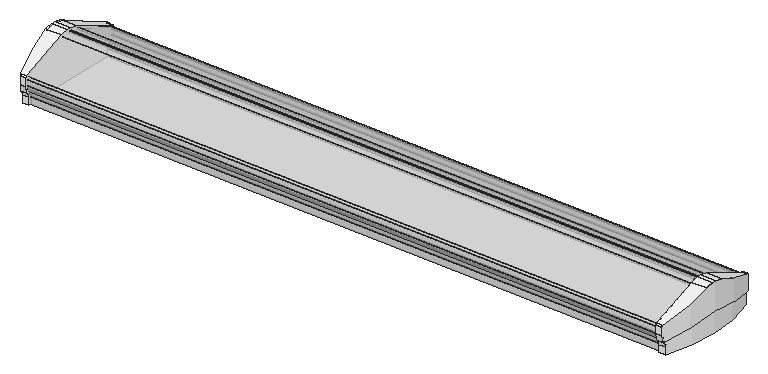
Revit family "0044885 Lighting Fixture_Sylvania_DeltaWing-LED-Electronic_Ceiling Surface", category Lighting Fixtures, host Face, Revit 2017
Family settings
  Host = Face
  Round Connector Dimension = Use Diameter
  Part Type = Normal
  OmniClass Number = 23.80.70.11.17
  OmniClass Title = Specialized Lighting by Location or Use
  Cut with Voids When Loaded = No
  Light Source = Yes
  Shared = No
  Room Calculation Point = No
Parameters (values of type "DELTAWING LED51 DALI 4K 1200")
  Width = 200.0 mm
  Weight = 3.40 kg
  Wattage = 50 W
  built-in parameter 1150110 = 1 (stored number, unit not read)
  Voltage Comments = "UNV (Universal Voltage; 220-240 Volt)"  # constant formula
  Voltage = 230 V  # constant formula
  URL = "http://www.sylvania-lighting.com"
  built-in parameter 1114217 = 1 (stored number, unit not read)
  Tilt Angle = -90.00°
  built-in parameter 1150109 = 1 (stored number, unit not read)
  built-in parameter 1150134 = 12
  Ta Rating = "-10°C  to +25°C"  # constant formula
  built-in parameter 1150113 = 1 (stored number, unit not read)
  Product Page URL = "http://www.sylvania-lighting.com/product/en-int/products/0044885"
  Product Family = "DELTAWING LED - ELECTRONIC"  # constant formula
  Photometry Comments = ""
  Photometric Web File = "0044885_DELTAWINGLED51DALI4K1200-198081.ies"
  Life = "50 000h"  # constant formula
  Length = 1218.0 mm
  LOR = "100%"
  Inrush Current (max. quantity per 16A C breaker) = "20"  # constant formula
  IP Rating = "IP44"  # constant formula
  IK Rating = "IK08"  # constant formula
  Height = 85.0 mm
  Glow Wire Test = 850 °C  # constant formula
  Glare Control = "UGR<23"  # constant formula
  Emit from Line Length = Length - 2.0 mm * 29  # 1160.0 mm
  Electrical Protection = "Class I"  # constant formula
  Drive Current = "300mA"  # constant formula
  built-in parameter 1114216 [instance] = 1 (stored number, unit not read)
  Cap Material = Plastic_Sylvania_DeltaWing_White
  Model = "DELTAWING LED51 DALI 4K 1200"
  Manufacturer = "Feilo Sylvania"
  built-in parameter 1150105 = 409.35 (stored number, unit not read)
  Lumens = 5144 lm
  built-in parameter 1150115 = 1 (stored number, unit not read)
  built-in parameter 1150137 = (empty or 0)
  built-in parameter 1150139 = (empty or 0)
  built-in parameter 1150112 = 1 (stored number, unit not read)
  built-in parameter 1150114 = 1 (stored number, unit not read)
  Lamp = "\tIntegrated LED"  # constant formula
  built-in parameter 1150132 = 2
  built-in parameter 1150102 = (empty or 0)
  built-in parameter 1150107 = 4000 (stored number, unit not read)
  built-in parameter 1150138 = (empty or 0)
  built-in parameter 1150106 = 4.0935 (stored number, unit not read)
  CRI (Ra) = "> 80"  # constant formula
  Body Material = Steel_Sylvania_DeltaWing_White
  built-in parameter 1150104 = 9.5579 (stored number, unit not read)
  Dimming Lamp Color Temperature Shift = <None>
  Diffuser Material = Polycarbonate_Sylvania_DeltaWing_Opal_4000K
  Description = "Low profile surface and suspended LED diffuser luminaire DeltaWing LED is perfect to fulfil a wide range of applications, including educational environments, medical buildings, storage facilities and circulation areas including stairwells High performance: delivers up to 7,260lm (luminaire lumen output on 4,000K version), and up to 102lm/W (total system efficiency) Available in neutral white (4,000K) and warm white (3,000K) Smooth Polycarbonate extruded diffuser provides high efficiency, while minimising glare Precision prisms designed to optimise light output and reduce glare Options of non-dimmable, DALI, 3 hour maintained Emergency and Integrated Microwave sensor as standard Integrated Microwave sensor mounted discretely behind the diffuser helps further reduce energy and maintenance bills Suitable for suspended mounting using wire suspension kit (to be ordered seperately) BESA box connection possibility standard on product Long lifetime: 50,000 hours life at 70% of the original output L70 Energy class: A++, A+, A"  # constant formula
  Default Elevation = 0.0 mm
  Color Filter = 16777215
  Catalog Number = "0044885 DELTAWING LED51 DALI 4K 1200"
  built-in parameter 1140040 [instance] = 1
  built-in parameter 1114218 = 1 (stored number, unit not read)
  built-in parameter 1150133 = 10 (stored number, unit not read)
  Assembly Code = "D5020200"
  Apparent Load = 50 VA
Reference planes
  plane 1 "Center (Front/Back)": y = 0
  plane 2 "Fixture Top": z = 0
  plane 3 "Center (Left/Right)": x = 0
  plane 4 "Fixture Left": x = -609
  plane 5 "Fixture Right": x = 609
  plane 6 "Fixture Back": y = 100
  plane 7 "Fixture Front": y = -100
  plane 8 "Cap left": x = -580
  plane 9 "Cap Right": x = 580
  plane 10 "Lamp Plane": z = 22
  plane 11 "Fixture Bottom": z = 85
  plane 12: y = 20
  plane 13: y = -20
Forms (mm)
  Extrusion 1, solid, material "Steel_Sylvania_DeltaWing_White" <- "Body Material", detail levels fine
    sketch origin (0, 0, 0) x (0, 1, 0) y (0, 0, 1)
      loop
        line (-88.5, 0) -> (88.5, 0) -> (88.5, 13.239) -> (90.848, 22) -> (88.777, 22) -> (86.5, 13.502) -> (86.5, 2) -> (-86.5, 2) -> (-86.5, 13.502) -> (-88.777, 22) -> (-90.848, 22) -> (-88.5, 13.239) -> (-88.5, 0)
    from -580 to 580
  Extrusion 2, solid, material "Polycarbonate_Sylvania_DeltaWing_Opal_4000K" <- "Diffuser Material", detail levels fine
    sketch origin (0, 0, 0) x (0, 1, 0) y (0, 0, 1)
      loop
        line (96, 33.502) -> (94.018, 26.104) -> (92.041, 26.455) -> (88.5, 13.239) -> (88.5, 0) -> (90.5, 0) -> (90.5, 12.975) -> (93.498, 24.165) -> (95.475, 23.815) -> (98, 33.238) -> (98, 44.42)
        arc (98, 44.42) -> (97.319, 46.653) -> (95.506, 48.125) r 4
        line (95.506, 48.125) -> (16.971, 80.055)
        arc (16.971, 80.055) -> (9.581, 82.257) -> (1.906, 83) r 40
        line (1.906, 83) -> (-1.906, 83)
        arc (-1.906, 83) -> (-9.581, 82.257) -> (-16.971, 80.055) r 40
        line (-16.971, 80.055) -> (-95.506, 48.125)
        arc (-95.506, 48.125) -> (-97.319, 46.653) -> (-98, 44.42) r 4
        line (-98, 44.42) -> (-98, 33.238) -> (-95.475, 23.815) -> (-93.498, 24.165) -> (-90.5, 12.975) -> (-90.5, 0) -> (-88.5, 0) -> (-88.5, 13.239) -> (-92.041, 26.455) -> (-94.018, 26.104) -> (-96, 33.502) -> (-96, 43.074)
        arc (-96, 43.074) -> (-95.319, 45.307) -> (-93.506, 46.779) r 4
        line (-93.506, 46.779) -> (-15.978, 78.299)
        arc (-15.978, 78.299) -> (-9.922, 80.17) -> (-3.638, 81) r 37.685
        line (-3.638, 81) -> (3.638, 81)
        arc (3.638, 81) -> (9.922, 80.17) -> (15.978, 78.299) r 37.685
        line (15.978, 78.299) -> (93.506, 46.779)
        arc (93.506, 46.779) -> (95.319, 45.307) -> (96, 43.074) r 4
        line (96, 43.074) -> (96, 33.502)
    from -580 to 580
  Extrusion 3, solid, material "Steel_Sylvania_DeltaWing_White" <- "Body Material", detail levels coarse+medium
    sketch origin (0, 0, 0) x (0, 1, 0) y (0, 0, 1)
      loop
        line (-16.971, 80.055) -> (-95.506, 48.125)
        arc (-95.506, 48.125) -> (-97.319, 46.653) -> (-98, 44.42) r 4
        line (-98, 44.42) -> (-98, 33.238) -> (-95.475, 23.815) -> (-93.498, 24.165) -> (-90.5, 12.975) -> (-90.5, 0) -> (90.5, 0) -> (90.5, 12.975) -> (93.498, 24.165) -> (95.475, 23.815) -> (98, 33.238) -> (98, 44.42)
        arc (98, 44.42) -> (97.319, 46.653) -> (95.506, 48.125) r 4
        line (95.506, 48.125) -> (16.971, 80.055)
        arc (16.971, 80.055) -> (9.581, 82.257) -> (1.906, 83) r 40
        line (1.906, 83) -> (-1.906, 83)
        arc (-1.906, 83) -> (-9.581, 82.257) -> (-16.971, 80.055) r 40
    from -580 to 580
Dimensions and locks
  equal spacing: plane 4 "Fixture Left", plane 3 "Center (Left/Right)", plane 5 "Fixture Right"
  "Length": plane 4 "Fixture Left" to plane 5 "Fixture Right"
  locked: plane 4 "Fixture Left" to plane 8 "Cap left" at 29
  locked: plane 9 "Cap Right" to plane 5 "Fixture Right" at 29
  "Height": plane 11 "Fixture Bottom" to plane 2 "Fixture Top"
  equal spacing: plane 6 "Fixture Back", plane 1 "Center (Front/Back)", plane 7 "Fixture Front"
  "Width": plane 6 "Fixture Back" to plane 7 "Fixture Front"
  equal spacing: plane 12, plane 1 "Center (Front/Back)", plane 13
  locked: Extrusion 1 sketch curve to Extrusion 1 sketch curve at 2
  locked: plane 10 "Lamp Plane" to Extrusion 1 sketch curve at 8.498  (x2)
  aligned and locked: level to host face
  aligned and locked: nested 1 to plane 1 "Center (Front/Back)"
  aligned and locked: nested 1 to plane 5 "Fixture Right"
  aligned and locked: nested 2 to plane 4 "Fixture Left"
  aligned and locked: plane 2 "Fixture Top" to Extrusion 1 sketch curve
  aligned and locked: Extrusion 1 to plane 8 "Cap left"
  aligned and locked: plane 9 "Cap Right" to Extrusion 1
  aligned and locked: Extrusion 2 to plane 8 "Cap left"
  aligned and locked: plane 9 "Cap Right" to Extrusion 2
  aligned and locked: Extrusion 3 sketch curve to Extrusion 2  (x2)
  aligned and locked: Extrusion 3 to plane 8 "Cap left"
  aligned and locked: plane 9 "Cap Right" to Extrusion 3
  aligned and locked: plane 2 "Fixture Top" to nested 2
  aligned and locked: nested 1 to plane 2 "Fixture Top"
  aligned and locked: plane 10 "Lamp Plane" to Extrusion 1 sketch curve  (x2)
  aligned and locked: Extrusion 3 sketch curve to plane 2 "Fixture Top"
  aligned and locked: plane 2 "Fixture Top" to Extrusion 2 sketch curve
  aligned and locked: Extrusion 2 sketch curve to plane 2 "Fixture Top"
  aligned and locked: imposter light to plane 1 "Center (Front/Back)"
  aligned and locked: plane 3 "Center (Left/Right)" to imposter light
  aligned and locked: plane 11 "Fixture Bottom" to imposter light
Automatic sketch dimensions
  host sketch curve to host sketch curve = 1713.741 mm
  host sketch curve to host sketch curve = 1283.632 mm
  plane 7 "Fixture Front" to Extrusion 2 sketch curve = 2.0 mm
  Extrusion 2 sketch curve to plane 10 "Lamp Plane" = 9.025 mm  (x2)
  Extrusion 2 sketch curve to Extrusion 2 sketch curve = 2.0 mm  (x8)
  Extrusion 2 sketch curve to Extrusion 2 sketch curve = 2.494 mm
  plane 10 "Lamp Plane" to Extrusion 2 sketch curve = 1.815 mm  (x2)
  plane 7 "Fixture Front" to Extrusion 2 sketch curve = 4.525 mm
  Extrusion 2 sketch curve to Extrusion 2 sketch curve = 1.457 mm  (x2)
  plane 10 "Lamp Plane" to Extrusion 2 sketch curve = 2.165 mm  (x2)
  Extrusion 2 sketch curve to Extrusion 2 sketch curve = 0.52 mm
  Extrusion 2 sketch curve to Extrusion 2 sketch curve = 1.977 mm  (x3)
  plane 7 "Fixture Front" to Extrusion 2 sketch curve = 9.5 mm
  plane 13 to Extrusion 2 sketch curve = 3.029 mm
  Extrusion 2 sketch curve to Extrusion 2 sketch curve = 0.993 mm  (x2)
  plane 1 "Center (Front/Back)" to Extrusion 2 sketch curve = 3.638 mm
  plane 1 "Center (Front/Back)" to Extrusion 2 sketch curve = 1.906 mm
  Extrusion 2 sketch curve to plane 1 "Center (Front/Back)" = 1.906 mm
  Extrusion 2 sketch curve to Extrusion 2 sketch curve = 1.732 mm
  plane 12 to Extrusion 2 sketch curve = 4.022 mm
  Extrusion 2 sketch curve to plane 6 "Fixture Back" = 11.5 mm
  Extrusion 2 sketch curve to plane 6 "Fixture Back" = 7.959 mm
  Extrusion 2 sketch curve to plane 6 "Fixture Back" = 6.494 mm
  Extrusion 2 sketch curve to plane 6 "Fixture Back" = 4.0 mm
  Extrusion 2 sketch curve to plane 6 "Fixture Back" = 2.0 mm
  Extrusion 2 sketch curve to Extrusion 2 sketch curve = 0.041 mm  (x2)
  Extrusion 2 sketch curve to Extrusion 2 sketch curve = 1.506 mm
  Extrusion 2 sketch curve to Extrusion 2 sketch curve = 0.494 mm
  Extrusion 2 sketch curve to Extrusion 2 sketch curve = 0.263 mm  (x4)
  Extrusion 2 sketch curve to Extrusion 2 sketch curve = 1.939 mm  (x2)
  Extrusion 2 sketch curve to Extrusion 2 sketch curve = 0.351 mm  (x2)
  Extrusion 2 sketch curve to Extrusion 2 sketch curve = 7.134 mm  (x2)
  Extrusion 2 sketch curve to Extrusion 2 sketch curve = 9.572 mm  (x2)
  Extrusion 2 sketch curve to Extrusion 2 sketch curve = 1.346 mm  (x2)
  Extrusion 2 sketch curve to plane 11 "Fixture Bottom" = 6.701 mm
  Extrusion 2 sketch curve to Extrusion 2 sketch curve = 0.0 mm
  Extrusion 2 sketch curve to Extrusion 2 sketch curve = 1.755 mm  (x2)
  Extrusion 2 sketch curve to Extrusion 2 sketch curve = 2.701 mm
  Extrusion 1 sketch curve to Extrusion 1 sketch curve = 2.0 mm  (x2)
  Extrusion 1 sketch curve to Extrusion 1 sketch curve = 0.263 mm  (x2)
  Extrusion 1 sketch curve to Extrusion 1 sketch curve = 2.071 mm  (x2)
  plane 7 "Fixture Front" to Extrusion 1 sketch curve = 9.152 mm
  plane 13 to Extrusion 3 sketch curve = 3.029 mm
  Extrusion 3 sketch curve to Extrusion 3 sketch curve = 1.506 mm  (x2)
  Extrusion 3 sketch curve to Extrusion 3 sketch curve = 11.181 mm  (x2)
  plane 10 "Lamp Plane" to Extrusion 3 sketch curve = 1.815 mm  (x2)
  plane 7 "Fixture Front" to Extrusion 3 sketch curve = 4.525 mm
  plane 10 "Lamp Plane" to Extrusion 3 sketch curve = 2.165 mm  (x2)
  Extrusion 3 sketch curve to Extrusion 3 sketch curve = 1.977 mm  (x2)
  plane 7 "Fixture Front" to Extrusion 3 sketch curve = 9.5 mm
  Extrusion 3 sketch curve to plane 10 "Lamp Plane" = 9.025 mm  (x2)
  plane 1 "Center (Front/Back)" to Extrusion 3 sketch curve = 1.906 mm
  plane 10 "Lamp Plane" to Extrusion 3 sketch curve = 21.0 mm
  plane 12 to Extrusion 3 sketch curve = 3.029 mm
  Extrusion 3 sketch curve to plane 1 "Center (Front/Back)" = 1.906 mm
  Extrusion 3 sketch curve to plane 6 "Fixture Back" = 4.494 mm
  Extrusion 3 sketch curve to Extrusion 3 sketch curve = 0.0 mm
  plane 10 "Lamp Plane" to Extrusion 3 sketch curve = 26.125 mm
  Extrusion 3 sketch curve to plane 6 "Fixture Back" = 2.0 mm
  Extrusion 3 sketch curve to plane 6 "Fixture Back" = 4.525 mm
  Extrusion 3 sketch curve to plane 6 "Fixture Back" = 9.5 mm
  Extrusion 1 sketch curve to plane 6 "Fixture Back" = 11.223 mm
  plane 7 "Fixture Front" to Extrusion 1 sketch curve = 11.5 mm
  Extrusion 1 sketch curve to plane 6 "Fixture Back" = 13.5 mm
Nested families
  nested 1: "Cap" at (580, 0, 0) x (0, 1, 0) z (0, 0, 1), type "Type"
  nested 2: "Cap" at (-580, 0, 0) x (0, 1, 0) z (0, 0, 1), type "Type"
Connectors
  electrical at (0, 0, 0), driven by "Voltage", driven by "Apparent Load"
    settings: on Extrusion 1, index 1, voltage 230 V, apparent load 0 VA, apparent load phase1 50 VA, apparent load phase2 0 VA, apparent load phase3 0 VA, power factor 1, load classification "Lighting", number of poles 1, system type 31, power factor state 1, is connector primary yes, connector utility no, sub classification motor no, connector description ""
Definition of nested family "Cap"
  Parameters
    Height = 85.0 mm
    Width = 200.0 mm
    Default Elevation = 0.0 mm
    Cap Material = none
  Reference planes
    plane 1 "Center (Front/Back)": y = 0
    plane 2: z = 0
    plane 3 "Center (Left/Right)": x = 0
    plane 4: x = 100
    plane 5: x = -100
    plane 6: y = -29
    plane 7: y = -10
    plane 8: z = 85
    plane 9: z = 17
    plane 10: z = 22
    plane 11: z = 37
  Forms (mm)
    Extrusion 1, solid, material <- "Cap Material"
      sketch origin (0, 0, 0) x (1, 0, 0) y (0, 1, 0)
        loop
          line (-100, 0) -> (-100, -10)
          arc (-100, -10) -> (0, -28.818) -> (100, -10) r 275.114
          line (100, -10) -> (100, 0) -> (-100, 0)
      from 0 to 85
    Extrusion 2, void
      sketch origin (0, 0, 0) x (1, 0, 0) y (0, 0, 1)
        loop
          line (-92.5, 0) -> (-92.5, 12.712) -> (-94.955, 21.876) -> (-96.887, 21.358) -> (-101.913, 40.115)
          arc (-101.913, 40.115) -> (-101.345, 45.755) -> (-97.183, 49.603) r 8
          line (-97.183, 49.603) -> (-17.481, 82.006)
          arc (-17.481, 82.006) -> (-8.901, 84.444) -> (0, 85) r 41.685
          arc (0, 85) -> (8.901, 84.444) -> (17.481, 82.006) r 41.685
          line (17.481, 82.006) -> (97.183, 49.603)
          arc (97.183, 49.603) -> (101.345, 45.755) -> (101.913, 40.115) r 8
          line (101.913, 40.115) -> (96.887, 21.358) -> (94.955, 21.876) -> (92.5, 12.712) -> (92.5, 0) -> (117.5, 0) -> (117.5, 106.013) -> (-117.5, 106.013) -> (-117.5, 0) -> (-92.5, 0)
      from 0 to 250
    Extrusion 3, void
      sketch origin (0, 0, 0) x (1, 0, 0) y (0, 0, 1)
        loop
          line (-94.955, 21.876) -> (-100, 20.524) -> (-100, 0) -> (100, 0) -> (100, 20.524) -> (94.955, 21.876) -> (10.419, 36.87)
          arc (10.419, 36.87) -> (0, 37.781) -> (-10.419, 36.87) r 60
          line (-10.419, 36.87) -> (-94.955, 21.876)
      from -68.585 to 250
    Extrusion 4, solid, material <- "Cap Material"
      sketch origin (0, 0, 0) x (1, 0, 0) y (0, 1, 0)
        loop
          line (-100, 0) -> (-100, -9.525)
          arc (-100, -9.525) -> (0.169, -27.445) -> (100, -7.727) r 275.114
          line (100, -7.727) -> (100, 0) -> (-100, 0)
      from 0 to 85
    Extrusion 5, void
      sketch origin (0, 0, 0) x (1, 0, 0) y (0, 0, 1)
        loop
          line (-92.5, 0) -> (-92.5, 12.712) -> (-94.955, 21.876) -> (-96.887, 21.358) -> (-101.913, 40.115)
          arc (-101.913, 40.115) -> (-101.345, 45.755) -> (-97.183, 49.603) r 8
          line (-97.183, 49.603) -> (-17.481, 82.006)
          arc (-17.481, 82.006) -> (-8.901, 84.444) -> (0, 85) r 41.685
          arc (0, 85) -> (8.901, 84.444) -> (17.481, 82.006) r 41.685
          line (17.481, 82.006) -> (97.183, 49.603)
          arc (97.183, 49.603) -> (101.345, 45.755) -> (101.913, 40.115) r 8
          line (101.913, 40.115) -> (96.887, 21.358) -> (94.955, 21.876) -> (92.5, 12.712) -> (92.5, 0) -> (117.5, 0) -> (117.5, 106.013) -> (-117.5, 106.013) -> (-117.5, 0) -> (-92.5, 0)
      from 0 to 250
  Cuts and joins
    Extrusion 2, Extrusion 3, Extrusion 5 cuts Extrusion 1
    Extrusion 5 cuts Extrusion 4
    joined: Extrusion 1, Extrusion 4
  Dimensions and locks
    equal spacing: plane 5, plane 3 "Center (Left/Right)", plane 4
    "Width": plane 5 to plane 4
    locked: plane 1 "Center (Front/Back)" to plane 6 at 29
    plane 1 "Center (Front/Back)" to plane 7 = 10.0 mm
    "Height": plane 8 to level
    plane 9 to plane 2 = 17.0 mm
    plane 10 to plane 9 = 5.0 mm
    Extrusion 2 sketch curve to plane 5 = 7.5 mm
    aligned and locked: level to plane 2
    aligned and locked: plane 1 "Center (Front/Back)" to Extrusion 1 sketch curve
    aligned and locked: Extrusion 1 sketch curve to plane 5
    aligned and locked: Extrusion 1 sketch curve to plane 4
    aligned and locked: plane 7 to Extrusion 1 sketch curve  (x2)
    aligned and locked: Extrusion 1 to plane 2
    aligned and locked: plane 8 to Extrusion 1
  Automatic sketch dimensions
    Extrusion 1 sketch curve to plane 1 "Center (Front/Back)" = 246.296 mm
    Extrusion 2 sketch curve to plane 5 = 17.5 mm
    Extrusion 2 sketch curve to plane 9 = 4.288 mm
    Extrusion 2 sketch curve to plane 3 "Center (Left/Right)" = 0.0 mm
    Extrusion 2 sketch curve to plane 8 = 0.0 mm
    Extrusion 2 sketch curve to plane 5 = 1.913 mm
    plane 5 to Extrusion 2 sketch curve = 2.817 mm
    plane 10 to Extrusion 2 sketch curve = 0.642 mm  (x2)
    plane 5 to Extrusion 2 sketch curve = 3.113 mm
    plane 10 to Extrusion 2 sketch curve = 0.124 mm  (x2)
    Extrusion 2 sketch curve to plane 8 = 2.994 mm  (x2)
    Extrusion 2 sketch curve to plane 3 "Center (Left/Right)" = 17.481 mm
    plane 3 "Center (Left/Right)" to Extrusion 2 sketch curve = 17.481 mm
    Extrusion 2 sketch curve to plane 4 = 7.5 mm
    Extrusion 2 sketch curve to plane 4 = 5.045 mm
    Extrusion 2 sketch curve to Extrusion 2 sketch curve = 1.932 mm
    Extrusion 2 sketch curve to plane 4 = 2.817 mm
    plane 4 to Extrusion 2 sketch curve = 1.913 mm
    plane 4 to Extrusion 2 sketch curve = 17.5 mm
    plane 5 to Extrusion 2 sketch curve = 5.814 mm
    Extrusion 2 sketch curve to plane 3 "Center (Left/Right)" = 1.865 mm
    plane 3 "Center (Left/Right)" to Extrusion 2 sketch curve = 1.865 mm
    Extrusion 2 sketch curve to plane 4 = 5.814 mm
    Extrusion 2 sketch curve to Extrusion 2 sketch curve = 9.488 mm  (x2)
    plane 8 to Extrusion 2 sketch curve = 21.013 mm
    Extrusion 2 sketch curve to level = 0.0 mm  (x2)
    Extrusion 3 sketch curve to plane 3 "Center (Left/Right)" = 0.0 mm
    plane 10 to Extrusion 3 sketch curve = 0.124 mm  (x2)
    Extrusion 3 sketch curve to plane 3 "Center (Left/Right)" = 10.419 mm
    plane 3 "Center (Left/Right)" to Extrusion 3 sketch curve = 10.419 mm
    plane 11 to Extrusion 3 sketch curve = 0.13 mm
    plane 10 to Extrusion 3 sketch curve = 1.476 mm  (x2)
    Extrusion 3 sketch curve to level = 0.0 mm
    Extrusion 3 sketch curve to plane 5 = 0.0 mm
    Extrusion 3 sketch curve to Extrusion 3 sketch curve = 22.219 mm
    plane 5 to Extrusion 3 sketch curve = 5.045 mm
    Extrusion 3 sketch curve to plane 4 = 5.045 mm
    plane 4 to Extrusion 3 sketch curve = 0.0 mm
    plane 1 "Center (Front/Back)" to Extrusion 4 sketch curve = 0.0 mm
    Extrusion 4 sketch curve to plane 5 = 0.0 mm
    Extrusion 4 sketch curve to plane 4 = 0.0 mm
    plane 7 to Extrusion 4 sketch curve = 2.273 mm
    plane 7 to Extrusion 4 sketch curve = 0.475 mm
    Extrusion 4 sketch curve to plane 1 "Center (Front/Back)" = 247.658 mm
    Extrusion 5 sketch curve to level = 0.0 mm  (x2)
    Extrusion 5 sketch curve to plane 5 = 17.5 mm
    Extrusion 5 sketch curve to plane 9 = 4.288 mm  (x2)
    Extrusion 5 sketch curve to plane 3 "Center (Left/Right)" = 0.0 mm
    Extrusion 5 sketch curve to plane 8 = 0.0 mm
    Extrusion 5 sketch curve to plane 5 = 1.913 mm
    plane 5 to Extrusion 5 sketch curve = 2.817 mm
    plane 10 to Extrusion 5 sketch curve = 0.642 mm  (x2)
    plane 5 to Extrusion 5 sketch curve = 3.113 mm
    plane 10 to Extrusion 5 sketch curve = 0.124 mm  (x2)
    Extrusion 5 sketch curve to Extrusion 5 sketch curve = 1.932 mm
    Extrusion 5 sketch curve to plane 8 = 2.994 mm  (x2)
    Extrusion 5 sketch curve to plane 3 "Center (Left/Right)" = 17.481 mm
    plane 3 "Center (Left/Right)" to Extrusion 5 sketch curve = 17.481 mm
    Extrusion 5 sketch curve to plane 4 = 7.5 mm
    Extrusion 5 sketch curve to plane 4 = 5.045 mm
    Extrusion 5 sketch curve to plane 4 = 2.817 mm
    plane 4 to Extrusion 5 sketch curve = 1.913 mm
    plane 4 to Extrusion 5 sketch curve = 17.5 mm
    plane 5 to Extrusion 5 sketch curve = 5.814 mm
    Extrusion 5 sketch curve to plane 3 "Center (Left/Right)" = 1.865 mm
    plane 3 "Center (Left/Right)" to Extrusion 5 sketch curve = 1.865 mm
    Extrusion 5 sketch curve to plane 4 = 5.814 mm
    Extrusion 5 sketch curve to Extrusion 5 sketch curve = 9.488 mm  (x2)
    plane 8 to Extrusion 5 sketch curve = 21.013 mm
